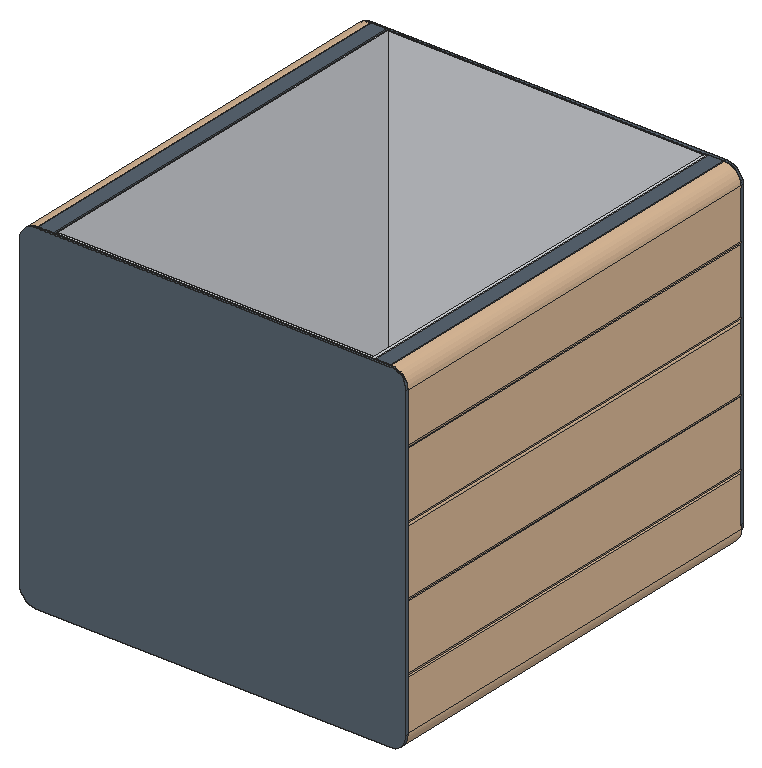
Revit family "Indre By 61115-S-L", category Meble, Revit 2021
Family settings
  Numer OmniClass = 23.40.20.00
  Tytuł OmniClass = General Furniture and Specialties
  Oparty na płaszczyźnie roboczej = Nie
  Zawsze pionowo = Tak
  Tnij formami wycięć po wczytaniu = Nie
  Współdzielony = Nie
  Punkt obliczania pomieszczeń = Nie
Parameters (values of type "61115-S-L")
  wood = Kobenhagen Wood - Larch
  metal = Kobenhagen RAL 5011
  Wood = none
  Width = "50 cm"
  Weight = "45 kg"
  URL = "https://kobenhagen.com/en_US/p/Indre-By-Small-Plant-Case/216"
  Size = "85 L"
  Product line = "Indre By"
  Product Groups = "Plant Cases"
  Producent = "Lars Laj"
  Keynote = ""
  Opis = "Indre By Small Plant Case\r\nIndre By Small Plant Case\r\nIndre By Small Plant Case"
  Model = "61115-S-L"
  Metal = none
  Material = "Larch, stainless steel, powder coated steel"
  Maintenance = "We recommend to examine and tighten all screws and bolt clamps after a few weeks’ use. In order to prevent cracks and to extend the life of the wood, it is recommended that the wood details should be oiled every 3-5 years."
  Lenght = "55 cm"
  Type Comments = ""
  Kobenhagen Materials = "larslaj.com/bim"
  Hosted on larslaj.com = "https://larslaj.com/bim"
  Height = "46 cm"
  Domyślna rzędna = 0 mm
  Copyright = "All designs and drawings are the intellectual property of Lars Laj A/S and are protected by Danish and international copyright laws."
Reference planes
  plane 1 "front": y = 0
  plane 2: z = 0
  plane 3 "Środek (Lewa/Prawa)": x = 0
  plane 4 "back": y = 550
Forms (mm)
  Extrusion 1, solid, material "Kobenhagen RAL 5011" <- "metal", not visible
    sketch origin (0, 0, 0) x (0, 1, 0) y (0, 0, 1)
      loop
        arc (71.187, 451.5) -> (57.045, 445.642) -> (51.187, 431.5) r 20
        line (51.187, 431.5) -> (51.187, 18.231)
        arc (51.187, 18.231) -> (56.527, 5.34) -> (69.418, 0) r 18.231
        line (69.418, 0) -> (153.638, 0) -> (153.638, 15) -> (448.638, 15) -> (448.638, 0) -> (527.023, 0)
        arc (527.023, 0) -> (542.307, 6.331) -> (548.638, 21.615) r 21.615
        line (548.638, 21.615) -> (548.638, 429.407)
        arc (548.638, 429.407) -> (542.168, 445.029) -> (526.545, 451.5) r 22.093
        line (526.545, 451.5) -> (71.187, 451.5)
    from 750.378 to 745
  Extrusion 2, solid, material "Kobenhagen RAL 5011" <- "metal", not visible
    sketch origin (0, 0, 0) x (0, 1, 0) y (0, 0, 1)
      loop
        line (548.638, 396.844) -> (629.375, 854.725) -> (601.836, 859.581)
        arc (601.836, 859.581) -> (585.224, 855.898) -> (576.082, 841.547) r 22.232
        line (576.082, 841.547) -> (507.306, 451.5) -> (526.545, 451.5)
        arc (526.545, 451.5) -> (542.168, 445.029) -> (548.638, 429.407) r 22.093
        line (548.638, 429.407) -> (548.638, 396.844)
    from 745 to 750.378
  Extrusion 3, solid, material "Kobenhagen Wood - Larch" <- "wood"
    sketch origin (6.56, 533.799, 744) x (1, 0, 0) y (0, 0, 1)
      loop
        line (252.914, -641.5) -> (212, -641.5) -> (212, -731.97) -> (232.65, -731.97)
        arc (232.65, -731.97) -> (248.454, -725.424) -> (255, -709.621) r 22.35
        line (255, -709.621) -> (255, -643.586)
        arc (255, -643.586) -> (254.389, -642.111) -> (252.914, -641.5) r 2.086
    from -16.201 to 533.799
  Extrusion 4, solid, material "Kobenhagen Wood - Larch" <- "wood"
    sketch origin (6.56, 533.799, 839) x (1, 0, 0) y (0, 0, 1)
      loop
        line (253.57, -646.5) -> (212, -646.5) -> (212, -736.5) -> (252.105, -736.5)
        arc (252.105, -736.5) -> (254.152, -735.652) -> (255, -733.605) r 2.895
        line (255, -733.605) -> (255, -647.93)
        arc (255, -647.93) -> (254.581, -646.919) -> (253.57, -646.5) r 1.43
    from -16.201 to 533.799
  Extrusion 5, solid, material "Kobenhagen RAL 5011" <- "metal"
    sketch origin (6.56, 533.799, 35) x (1, 0, 0) y (0, 0, 1)
      loop
        arc (-233.5, 427.5) -> (-248.703, 421.203) -> (-255, 406) r 21.5
        line (-255, 406) -> (-255, -1.454)
        arc (-255, -1.454) -> (-248.703, -16.657) -> (-233.5, -22.954) r 21.5
        line (-233.5, -22.954) -> (233.5, -22.954)
        arc (233.5, -22.954) -> (248.703, -16.657) -> (255, -1.454) r 21.5
        line (255, -1.454) -> (255, 406)
        arc (255, 406) -> (248.703, 421.203) -> (233.5, 427.5) r 21.5
        line (233.5, 427.5) -> (-233.5, 427.5)
    from 533.799 to 536.016
  Extrusion 6, solid, material <- "Metal"
    sketch origin (6.56, 533.799, 0) x (1, 0, 0) y (0, 1, 0)
      loop
        line (-233.5, 16.201) -> (-233.5, -530.016) -> (232, -530.016) -> (232, 16.201) -> (-233.5, 16.201)
    from 12 to 19
  Extrusion 7, solid, material <- "Metal"
    sketch origin (6.56, 191.299, 0) x (1, 0, 0) y (0, 1, 0)
      loop
        line (-201.598, -114.603) -> (-201.598, -164.603) -> (-148.076, -164.603) -> (-148.076, -114.603) -> (-201.598, -114.603)
      loop
        line (151.598, -164.603) -> (201.598, -164.603) -> (201.598, -116.623) -> (151.598, -116.623) -> (151.598, -164.603)
      loop
        line (-201.598, 318.192) -> (-201.598, 264.07) -> (-148.076, 264.07) -> (-148.076, 318.192) -> (-201.598, 318.192)
      loop
        line (151.598, 268.23) -> (201.598, 268.23) -> (201.598, 318.372) -> (151.598, 318.372) -> (151.598, 268.23)
    from 0 to 12
  Extrusion 8, solid, material "Kobenhagen RAL 5011" <- "metal"
    sketch origin (6.56, 533.799, 0) x (1, 0, 0) y (0, 0, 1)
      loop
        line (-255.619, 441) -> (-255.619, 40.5)
        arc (-255.619, 40.5) -> (-249.322, 25.297) -> (-234.119, 19) r 21.5
        line (-234.119, 19) -> (233.5, 19)
        arc (233.5, 19) -> (248.703, 25.297) -> (255, 40.5) r 21.5
        line (255, 40.5) -> (255, 441)
        arc (255, 441) -> (248.703, 456.203) -> (233.5, 462.5) r 21.5
        line (233.5, 462.5) -> (-234.119, 462.5)
        arc (-234.119, 462.5) -> (-249.322, 456.203) -> (-255.619, 441) r 21.5
    from -19.196 to -16.201
  Extrusion 9, solid, material <- "Metal"
    sketch origin (6.56, 533.799, 0) x (1, 0, 0) y (0, 1, 0)
      loop
        line (-212, 16.201) -> (-212, -533.799) -> (212, -533.799) -> (212, 16.201) -> (-212, 16.201)
      loop
        line (-208.789, 13.093) -> (-208.789, -530.838) -> (208.6, -530.838) -> (208.6, 13.093) -> (-208.789, 13.093)
    from 19 to 462.5
  Extrusion 10, solid, material "Kobenhagen Wood - Larch" <- "wood"
    sketch origin (6.56, 533.799, -454) x (1, 0, 0) y (0, 0, 1)
      loop
        arc (253.57, 646.5) -> (254.581, 646.919) -> (255, 647.93) r 1.43
        line (255, 647.93) -> (255, 733.605)
        arc (255, 733.605) -> (254.152, 735.652) -> (252.105, 736.5) r 2.895
        line (252.105, 736.5) -> (212, 736.5) -> (212, 646.5) -> (253.57, 646.5)
    from -16.201 to 533.799
  Extrusion 11, solid, material "Kobenhagen Wood - Larch" <- "wood"
    sketch origin (6.56, 533.799, 1019) x (1, 0, 0) y (0, 0, 1)
      loop
        line (253.57, -646.5) -> (212, -646.5) -> (212, -736.5) -> (252.105, -736.5)
        arc (252.105, -736.5) -> (254.152, -735.652) -> (255, -733.605) r 2.895
        line (255, -733.605) -> (255, -647.93)
        arc (255, -647.93) -> (254.581, -646.919) -> (253.57, -646.5) r 1.43
    from -16.201 to 533.799
  Extrusion 12, solid, material "Kobenhagen Wood - Larch" <- "wood"
    sketch origin (5.94, 533.799, 744) x (-1, 0, 0) y (0, 0, -1)
      loop
        arc (252.914, 641.5) -> (254.389, 642.111) -> (255, 643.586) r 2.086
        line (255, 643.586) -> (255, 709.621)
        arc (255, 709.621) -> (248.454, 725.424) -> (232.65, 731.97) r 22.35
        line (232.65, 731.97) -> (212, 731.97) -> (212, 641.5) -> (252.914, 641.5)
    from -16.201 to 533.799
  Extrusion 13, solid, material "Kobenhagen Wood - Larch" <- "wood"
    sketch origin (5.94, 533.799, 839) x (-1, 0, 0) y (0, 0, -1)
      loop
        arc (253.57, 646.5) -> (254.581, 646.919) -> (255, 647.93) r 1.43
        line (255, 647.93) -> (255, 733.605)
        arc (255, 733.605) -> (254.152, 735.652) -> (252.105, 736.5) r 2.895
        line (252.105, 736.5) -> (212, 736.5) -> (212, 646.5) -> (253.57, 646.5)
    from -16.201 to 533.799
  Extrusion 14, solid, material "Kobenhagen Wood - Larch" <- "wood"
    sketch origin (5.94, 533.799, -269) x (-1, 0, 0) y (0, 0, -1)
      loop
        line (252.914, -641.5) -> (212, -641.5) -> (212, -730.307) -> (232.65, -730.307) -> (232.65, -731.97)
        arc (232.65, -731.97) -> (248.454, -725.424) -> (255, -709.621) r 22.35
        line (255, -709.621) -> (255, -643.586)
        arc (255, -643.586) -> (254.389, -642.111) -> (252.914, -641.5) r 2.086
    from -16.201 to 533.799
  Extrusion 15, solid, material "Kobenhagen Wood - Larch" <- "wood"
    sketch origin (5.94, 533.799, -454) x (-1, 0, 0) y (0, 0, -1)
      loop
        line (253.57, -646.5) -> (212, -646.5) -> (212, -736.5) -> (252.105, -736.5)
        arc (252.105, -736.5) -> (254.152, -735.652) -> (255, -733.605) r 2.895
        line (255, -733.605) -> (255, -647.93)
        arc (255, -647.93) -> (254.581, -646.919) -> (253.57, -646.5) r 1.43
    from -16.201 to 533.799
  Extrusion 16, solid, material "Kobenhagen Wood - Larch" <- "wood"
    sketch origin (5.94, 533.799, 1019) x (-1, 0, 0) y (0, 0, -1)
      loop
        arc (253.57, 646.5) -> (254.581, 646.919) -> (255, 647.93) r 1.43
        line (255, 647.93) -> (255, 733.605)
        arc (255, 733.605) -> (254.152, 735.652) -> (252.105, 736.5) r 2.895
        line (252.105, 736.5) -> (212, 736.5) -> (212, 646.5) -> (253.57, 646.5)
    from -16.201 to 533.799
  Extrusion 17, solid, material "Kobenhagen Wood - Larch" <- "wood"
    sketch origin (6.56, 533.799, -269) x (1, 0, 0) y (0, 0, 1)
      loop
        arc (252.914, 641.5) -> (254.389, 642.111) -> (255, 643.586) r 2.086
        line (255, 643.586) -> (255, 709.621)
        arc (255, 709.621) -> (248.454, 725.424) -> (232.65, 731.97) r 22.35
        line (232.65, 731.97) -> (232.65, 730.307) -> (212, 730.307) -> (212, 641.5) -> (252.914, 641.5)
    from -16.201 to 533.799
  Extrusion 18, solid, material "Kobenhagen RAL 5011" <- "metal"
    sketch origin (0, 0, 0) x (1, 0, 0) y (0, 0, 1)
      loop
        line (239.21, 462.97) -> (218.56, 462.97) -> (218.56, 461.307) -> (239.21, 461.307) -> (239.21, 462.97)
      loop
        line (-226.71, 462.97) -> (-226.71, 461.277) -> (-205.44, 461.277) -> (-205.44, 462.97) -> (-226.71, 462.97)
    from 0 to -550
Dimensions and locks
  plane 1 "front" to plane 4 "back" = 550 mm
  aligned and locked: level to plane 2
  aligned and locked: plane 4 "back" to Extrusion 14
  aligned and locked: plane 1 "front" to Extrusion 3
  aligned and locked: plane 1 "front" to Extrusion 12
  aligned and locked: plane 4 "back" to Extrusion 17
